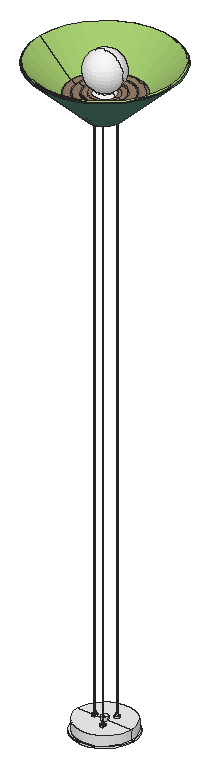
Revit family "CN-PN-COB-GL revised", category Lighting Fixtures, host Face, Revit 2020
Family settings
  Host = Face
  Round Connector Dimension = Use Diameter
  Part Type = Normal
  Cut with Voids When Loaded = No
  Light Source = No
  Shared = No
  Room Calculation Point = No
Parameters
  WOOD INSERT [instance] = _aaline__WOOD_Walnut
  WoodInsertOffset [instance] = if([Large - SIZE], 0' 1 11/16", 0' 1 7/16")  # 0' - 1 7/16"
  Small - SIZE [instance] = yes
  OUTSIDE MATERIAL [instance] = _aaline_felt_Forest Green_F155
  LightSourceOffset [instance] = if([Large - SIZE], 0' 8 9/16", 0' 6 3/8")  # 0' - 6 3/8"
  Large - SIZE [instance] = not([Small - SIZE])  # no
  INSIDE MATERIAL [instance] = _aaline_felt_Apple Green_F151
  Default Elevation = 0' - 0"
  Canopy - DRIVER [instance] = yes
  CableLength [instance] = if([CABLE LENGTH (ft)] < 0, 1' 0", [CABLE LENGTH (ft)] * 1' 0")  # 5' - 0"
  CANOPY COLOUR [instance] = _aaline_Satin White
  CABLE LENGTH (ft) [instance] = 5
  BulbOffset [instance] = if([Large - SIZE], CableLength + 0' 1 5/256", CableLength + 0' 1 5/32" - 0' 0 33/128")  # 5' - 0 115/128"
  4000K - COLOUR TEMPERATURE [instance] = no
  3500K - COLOUR TEMPERATURE [instance] = no
  3000K - COLOUR TEMPERATURE [instance] = no
  2700K - COLOUR TEMPERATURE [instance] = yes
Reference planes (in)
  plane 1 "Center (Front/Back)": y = 0
  plane 2: z = 0
  plane 3 "Center (Left/Right)": x = 0
  plane 4: z = 60
  plane 5: z = 60.89844
  plane 6: z = 61.4375
  plane 7: z = 66.375
  plane 8: z = 66.1875
  plane 9: z = 65.3125
  plane 10: z = 65.21875
  plane 11: z = 66.09375
  plane 12: z = 68.43995
Forms (in)
  Revolve 1, solid, material "_aaline__WOOD_Walnut" <- "WOOD INSERT"
    sketch origin (0, 0, 2.72358) x (1, 0, 0) y (0, 0, 1)
      loop
        line (-3.11328, 58.71392) -> (-1.1875, 58.71392) -> (-1.1875, 59.08892) -> (-0.875, 59.08892) -> (-0.875, 59.46392) -> (-1.47656, 59.46392)
        arc (-1.47656, 59.46392) -> (-1.72656, 59.33849) -> (-1.97656, 59.46392) r 0.31185
        line (-1.97656, 59.46392) -> (-2.10156, 59.46392)
        arc (-2.10156, 59.46392) -> (-2.44531, 59.27552) -> (-2.78906, 59.46392) r 0.40779
        line (-2.78906, 59.46392) -> (-2.91406, 59.46392)
        arc (-2.91406, 59.46392) -> (-3.25781, 59.21392) -> (-3.60156, 59.46392) r 0.36133
        line (-3.60156, 59.46392) -> (-3.78906, 59.46392) -> (-3.11328, 58.71392)
      axis (0, 59.46392) -> (0, 58.71392)
    angle from 0 to 360
  Revolve 2, solid, material "_aaline_CABLE_white"
    sketch origin (0, 0, -10.33502) x (1, 0, 0) y (0, 0, 1)
      loop
        line (-0.84375, 73.08502) -> (-0.84375, 72.83502) -> (-1.09375, 72.52252) -> (0, 72.52252) -> (0, 73.08502) -> (-0.84375, 73.08502)
      axis (0, 73.08502) -> (0, 72.52252)
    angle from 0 to 360
  Revolve 3, solid, material "_aaline_Satin White" <- "CANOPY COLOUR"
    sketch origin (0, 0, -10.33502) x (1, 0, 0) y (0, 0, 1)
      loop
        line (0, 70.58502) -> (0, 70.64752) -> (-1.625, 70.64752) -> (-1.625, 70.58502) -> (0, 70.58502)
      axis (0, 70.64752) -> (0, 70.58502)
    angle from 0 to 360
  Extrusion 4, solid, material "_aaline_CABLE_white"
    sketch origin (0, 0, 0) x (1, 0, 0) y (0, 1, 0)
      loop
        circle (-1.117, 0) r 0.03125
      loop
        circle (0.55924, -0.9647) r 0.03125
      loop
        circle (0.55924, 0.9647) r 0.03125
    from 0 to 60
  Revolve 5, solid, material "_aaline_felt_Forest Green_F155" <- "OUTSIDE MATERIAL", visible <- "Small - SIZE"
    sketch origin (0, 0, 0) x (1, 0, 0) y (0, 0, 1)
      loop
        line (-7.125, 65.21875) -> (-7.21875, 65.125) -> (-1.875, 60) -> (-1.6835, 60) -> (-7.125, 65.21875)
      axis (0, 65.21875) -> (0, 60)
    angle from 0 to 360
  Revolve 6, solid, material "_aaline_felt_Apple Green_F151" <- "INSIDE MATERIAL", visible <- "Small - SIZE"
    sketch origin (0, 0, 0) x (1, 0, 0) y (0, 0, 1)
      loop
        line (-7.125, 65.21875) -> (-1.6835, 60) -> (-1.492, 60) -> (-7.03125, 65.3125) -> (-7.125, 65.21875)
      axis (0, 65.3125) -> (0, 60)
    angle from 0 to 360
  Revolve 7, solid, material "_aaline_felt_Forest Green_F155" <- "OUTSIDE MATERIAL", visible <- "Large - SIZE"
    sketch origin (0, 0, 0) x (1, 0, 0) y (0, 0, 1)
      loop
        line (-1.875, 60) -> (-1.67254, 60) -> (-8.59375, 66.09375) -> (-8.6875, 66) -> (-1.875, 60)
      axis (0, 66.09375) -> (0, 60)
    angle from 0 to 360
  Revolve 8, solid, material "_aaline_felt_Apple Green_F151" <- "INSIDE MATERIAL", visible <- "Large - SIZE"
    sketch origin (0, 0, 0) x (1, 0, 0) y (0, 0, 1)
      loop
        line (-1.67254, 60) -> (-1.47008, 60) -> (-8.5, 66.1875) -> (-8.59375, 66.09375) -> (-1.67254, 60)
      axis (0, 66.1875) -> (0, 60)
    angle from 0 to 360
  Revolve 9, solid, material "_aaline_Satin White" <- "CANOPY COLOUR"
    sketch origin (-0.32936, 0, 0) x (1, 0, 0) y (0, 0, 1)
      loop
        line (-1.03763, 60.25) -> (-1.03763, 60.1875) -> (-0.88138, 60.1875) -> (-0.88138, 59.9375) -> (-0.78763, 59.9375) -> (-0.78763, 60.25) -> (-1.03763, 60.25)
      axis (-0.78763, 59.9375) -> (-0.78763, 60.25)
    angle from 0 to 360
  Revolve 10, solid, material "_aaline_Satin White" <- "CANOPY COLOUR"
    sketch origin (1.34688, 0.9647, 0) x (1, 0, 0) y (0, 0, 1)
      loop
        line (-1.03763, 60.25) -> (-1.03763, 60.1875) -> (-0.88138, 60.1875) -> (-0.88138, 59.9375) -> (-0.78763, 59.9375) -> (-0.78763, 60.25) -> (-1.03763, 60.25)
      axis (-0.78763, 59.9375) -> (-0.78763, 60.25)
    angle from 0 to 360
  Revolve 11, solid, material "_aaline_Satin White" <- "CANOPY COLOUR"
    sketch origin (1.34688, -0.9647, 0) x (1, 0, 0) y (0, 0, -1)
      loop
        line (-1.03763, -60.25) -> (-0.78763, -60.25) -> (-0.78763, -59.9375) -> (-0.88138, -59.9375) -> (-0.88138, -60.1875) -> (-1.03763, -60.1875) -> (-1.03763, -60.25)
      axis (-0.78763, -59.9375) -> (-0.78763, -60.25)
    angle from 0 to 360
  Revolve 12, solid, material "_aaline_Satin White" <- "CANOPY COLOUR", visible <- "Canopy - DRIVER"
    sketch origin (0, 0, 0) x (1, 0, 0) y (0, 0, 1)
      loop
        line (0, 0) -> (0, 1.4375) -> (-0.3125, 1.4375) -> (-0.3125, 1.125) -> (-2.9375, 1.125) -> (-2.9375, 0.125) -> (-3.125, 0.125) -> (-3.125, 0) -> (0, 0)
      axis (0, 1.4375) -> (0, 0)
    angle from 0 to 360
  Revolve 13, solid, material "_aaline_Satin White" <- "CANOPY COLOUR", visible <- "Canopy - DRIVER"
    sketch origin (-0.32936, 0, 121.375) x (1, 0, 0) y (0, 0, -1)
      loop
        line (-1.03763, 120.25) -> (-1.03763, 120.1875) -> (-0.88138, 120.1875) -> (-0.88138, 119.9375) -> (-0.78763, 119.9375) -> (-0.78763, 120.25) -> (-1.03763, 120.25)
      axis (-0.78763, 119.9375) -> (-0.78763, 120.25)
    angle from 0 to 360
  Revolve 14, solid, material "_aaline_Satin White" <- "CANOPY COLOUR", visible <- "Canopy - DRIVER"
    sketch origin (1.34688, 0.9647, 121.375) x (1, 0, 0) y (0, 0, 1)
      loop
        line (-1.03763, -120.25) -> (-0.78763, -120.25) -> (-0.78763, -119.9375) -> (-0.88138, -119.9375) -> (-0.88138, -120.1875) -> (-1.03763, -120.1875) -> (-1.03763, -120.25)
      axis (-0.78763, -119.9375) -> (-0.78763, -120.25)
    angle from 0 to 360
  Revolve 15, solid, material "_aaline_Satin White" <- "CANOPY COLOUR", visible <- "Canopy - DRIVER"
    sketch origin (1.34688, -0.9647, 121.375) x (1, 0, 0) y (0, 0, -1)
      loop
        line (-1.03763, 120.25) -> (-1.03763, 120.1875) -> (-0.88138, 120.1875) -> (-0.88138, 119.9375) -> (-0.78763, 119.9375) -> (-0.78763, 120.25) -> (-1.03763, 120.25)
      axis (-0.78763, 119.9375) -> (-0.78763, 120.25)
    angle from 0 to 360
Dimensions and locks (in)
  "CableLength": plane 4 to plane 2
  locked: Revolve 2 sketch curve to Revolve 1 at 0.5625
  "BulbOffset": plane 5 to plane 2
  "WoodInsertOffset": plane 6 to plane 4
  "LightSourceOffset": plane 7 to plane 4
  locked: plane 8 to plane 4 at 6.1875
  plane 9 to plane 4 = 0' - 5 5/16"
  locked: plane 9 to plane 10 at 0.09375
  locked: plane 8 to plane 11 at 0.09375
  Revolve 3 sketch curve to Revolve 3 sketch curve to plane 4 = 0' - 0 1/16" locked, 0' - 0 1/4" locked
  locked: plane 3 "Center (Left/Right)" to Revolve 3 sketch curve at 1.625
  locked: Revolve 9 sketch curve to Revolve 9 sketch curve at 0.25
  Revolve 9 sketch curve to Revolve 9 sketch curve to Revolve 9 sketch curve = 0' - 0 5/32" locked, 0' - 0 3/32" locked
  locked: Revolve 10 sketch curve to Revolve 10 sketch curve at 0.25
  Revolve 10 sketch curve to Revolve 10 sketch curve to Revolve 10 sketch curve = 0' - 0 5/32" locked, 0' - 0 3/32" locked
  locked: Revolve 11 sketch curve to Revolve 11 sketch curve at 0.25
  Revolve 11 sketch curve to Revolve 11 sketch curve to Revolve 11 sketch curve = 0' - 0 5/32" locked, 0' - 0 3/32" locked
  locked: Revolve 12 sketch curve to Revolve 12 sketch curve at 0.125
  locked: Revolve 12 sketch curve to Revolve 12 sketch curve at 0.1875
  Revolve 12 sketch curve to Revolve 12 sketch curve to Revolve 12 sketch curve = 0' - 1 1/8" locked, 0' - 0 5/16" locked
  Revolve 12 sketch curve to Revolve 12 sketch curve to Revolve 12 sketch curve = 0' - 0 5/16" locked, 0' - 2 5/8" locked
  locked: Revolve 13 sketch curve to Revolve 13 sketch curve at 0.25
  Revolve 13 sketch curve to Revolve 13 sketch curve to Revolve 13 sketch curve = 0' - 0 5/32" locked, 0' - 0 3/32" locked
  locked: Revolve 14 sketch curve to Revolve 14 sketch curve at 0.25
  Revolve 14 sketch curve to Revolve 14 sketch curve to Revolve 14 sketch curve = 0' - 0 5/32" locked, 0' - 0 3/32" locked
  locked: Revolve 15 sketch curve to Revolve 15 sketch curve at 0.25
  Revolve 15 sketch curve to Revolve 15 sketch curve to Revolve 15 sketch curve = 0' - 0 5/32" locked, 0' - 0 3/32" locked
  plane 12 to plane 7 = 0' - 2.06495"
  aligned and locked: plane 2 to host face
  aligned and locked: level to host face
  aligned and locked: Revolve 1 sketch curve to plane 3 "Center (Left/Right)"
  aligned and locked: Revolve 2 sketch curve to plane 3 "Center (Left/Right)"  (x2)
  aligned and locked: Revolve 3 sketch curve to plane 3 "Center (Left/Right)"
  aligned and locked: Extrusion 4 to level
  aligned and locked: plane 4 to Extrusion 4
  aligned and locked: plane 1 "Center (Front/Back)" to nested 1
  aligned and locked: plane 3 "Center (Left/Right)" to nested 1
  aligned and locked: Revolve 5 sketch curve to plane 3 "Center (Left/Right)"
  aligned and locked: Revolve 6 sketch curve to plane 3 "Center (Left/Right)"
  aligned and locked: Revolve 3 sketch curve to nested 2
  aligned and locked: plane 1 "Center (Front/Back)" to nested 2
  aligned and locked: plane 3 "Center (Left/Right)" to nested 2
  aligned and locked: Revolve 1 to Revolve 2 sketch curve
  aligned and locked: plane 5 to nested 2
  aligned and locked: Revolve 7 sketch curve to plane 3 "Center (Left/Right)"
  aligned and locked: Revolve 8 sketch curve to plane 3 "Center (Left/Right)"
  aligned and locked: Revolve 7 sketch curve to plane 4
  aligned and locked: Revolve 1 to plane 6
  aligned and locked: plane 7 to nested 1
  aligned and locked: Revolve 5 sketch curve to plane 4
  aligned and locked: Revolve 6 sketch curve to plane 4
  aligned and locked: plane 9 to Revolve 6 sketch curve
  aligned and locked: Revolve 8 sketch curve to plane 4
  aligned and locked: plane 8 to Revolve 8 sketch curve
  aligned and locked: plane 11 to Revolve 7 sketch curve
  aligned and locked: plane 5 to nested 3
  aligned and locked: plane 3 "Center (Left/Right)" to nested 3
  aligned and locked: plane 1 "Center (Front/Back)" to nested 3
  aligned and locked: Revolve 9 sketch curve to Revolve 9 sketch curve  (x2)
  aligned and locked: Revolve 10 sketch curve to Revolve 10 sketch curve
  aligned and locked: Revolve 11 sketch curve to Revolve 11 sketch curve  (x2)
  aligned and locked: Revolve 3 to Revolve 10 sketch curve
  aligned and locked: plane 2 to Revolve 12 sketch curve
  aligned and locked: Revolve 12 sketch curve to plane 3 "Center (Left/Right)"
  aligned and locked: Revolve 13 sketch curve to Revolve 13 sketch curve  (x2)
  aligned and locked: Revolve 14 sketch curve to Revolve 14 sketch curve
  aligned and locked: Revolve 15 sketch curve to Revolve 15 sketch curve  (x2)
  aligned and locked: plane 7 to nested 4
  aligned and locked: plane 7 to nested 5
  aligned and locked: plane 7 to nested 6
  aligned and locked: plane 1 "Center (Front/Back)" to nested 4
  aligned and locked: plane 1 "Center (Front/Back)" to nested 5
  aligned and locked: plane 1 "Center (Front/Back)" to nested 6
  aligned and locked: plane 3 "Center (Left/Right)" to nested 4
  aligned and locked: plane 3 "Center (Left/Right)" to nested 5
  aligned and locked: plane 3 "Center (Left/Right)" to nested 6
Automatic sketch dimensions
  host sketch curve to host sketch curve = 8' - 0"  (x2)
  Revolve 1 sketch curve to plane 6 = 0' - 0"
  plane 6 to Revolve 1 sketch curve = 0' - 0 3/8"
  Revolve 1 sketch curve to plane 3 "Center (Left/Right)" = 0' - 0 7/8"
  Revolve 1 sketch curve to Revolve 1 sketch curve = 0' - 0 5/16"
  Revolve 1 sketch curve to Revolve 1 sketch curve = 0' - 0 37/128"
  Revolve 1 sketch curve to Revolve 1 sketch curve = 0' - 0 1/4"  (x2)
  Revolve 1 sketch curve to Revolve 1 sketch curve = 0' - 0 1/8"  (x2)
  Revolve 1 sketch curve to Revolve 1 sketch curve = 0' - 0 11/32"  (x4)
  Revolve 1 sketch curve to Revolve 1 sketch curve = 0' - 0 51/256"
  plane 6 to Revolve 1 sketch curve = 0' - 0 3/4"
  Revolve 1 sketch curve to Revolve 1 sketch curve = 0' - 0 3/16"
  Revolve 1 sketch curve to Revolve 1 sketch curve = 0' - 0.11133"
  Revolve 1 sketch curve to Revolve 1 sketch curve = 0' - 0.18641"
  Revolve 1 sketch curve to Revolve 1 sketch curve = 0' - 0.21938"
  Revolve 1 sketch curve to level = 1' - 9.27642"
  plane 7 to Revolve 1 sketch curve = 4' - 1.9424"
  Revolve 2 sketch curve to plane 3 "Center (Left/Right)" = 0' - 0 27/32"
  Revolve 2 sketch curve to Revolve 2 sketch curve = 0' - 0 1/4"  (x2)
  Revolve 2 sketch curve to level = 2' - 10.33502"
  plane 7 to Revolve 2 sketch curve = 4' - 1.9424"
  Revolve 3 sketch curve to plane 4 = 0' - 0 9/16"
  plane 7 to Revolve 3 sketch curve = 4' - 1.94631"
  plane 1 "Center (Front/Back)" to Extrusion 4 sketch curve = 0' - 0"
  Extrusion 4 sketch curve to plane 3 "Center (Left/Right)" = 0' - 1.117"
  plane 3 "Center (Left/Right)" to Extrusion 4 sketch curve = 0' - 0.55924"  (x2)
  plane 1 "Center (Front/Back)" to Extrusion 4 sketch curve = 0' - 0.9647"
  Extrusion 4 sketch curve to plane 1 "Center (Front/Back)" = 0' - 0.9647"
  Revolve 5 sketch curve to plane 10 = 0' - 0"
  Revolve 5 sketch curve to plane 3 "Center (Left/Right)" = 0' - 1.6835"
  Revolve 5 sketch curve to Revolve 5 sketch curve = 0' - 0.1915"
  Revolve 5 sketch curve to plane 3 "Center (Left/Right)" = 0' - 7 1/8"
  Revolve 5 sketch curve to plane 10 = 0' - 0 3/32"
  Revolve 5 sketch curve to Revolve 5 sketch curve = 0' - 0 3/32"
  Revolve 5 sketch curve to level = 2' - 0"
  plane 7 to Revolve 5 sketch curve = 2' - 9.24436"
  Revolve 6 sketch curve to plane 10 = 0' - 0"
  Revolve 6 sketch curve to plane 3 "Center (Left/Right)" = 0' - 1.492"
  Revolve 6 sketch curve to Revolve 6 sketch curve = 0' - 0.1915"
  Revolve 6 sketch curve to plane 3 "Center (Left/Right)" = 0' - 7 1/32"
  Revolve 6 sketch curve to Revolve 6 sketch curve = 0' - 0 3/32"
  Revolve 6 sketch curve to level = 2' - 0"
  plane 7 to Revolve 6 sketch curve = 2' - 9.24436"
  Revolve 7 sketch curve to plane 3 "Center (Left/Right)" = 0' - 1.67254"
  Revolve 7 sketch curve to Revolve 7 sketch curve = 0' - 0.20246"
  Revolve 7 sketch curve to plane 3 "Center (Left/Right)" = 0' - 8 19/32"
  Revolve 7 sketch curve to plane 11 = 0' - 0 3/32"
  Revolve 7 sketch curve to Revolve 7 sketch curve = 0' - 0 3/32"
  Revolve 7 sketch curve to level = 2' - 0"
  plane 7 to Revolve 7 sketch curve = 3' - 0.03132"
  Revolve 8 sketch curve to plane 11 = 0' - 0"
  Revolve 8 sketch curve to plane 3 "Center (Left/Right)" = 0' - 1.47008"
  Revolve 8 sketch curve to Revolve 8 sketch curve = 0' - 0.20246"
  Revolve 8 sketch curve to plane 3 "Center (Left/Right)" = 0' - 8 1/2"
  Revolve 8 sketch curve to Revolve 8 sketch curve = 0' - 0 3/32"
  Revolve 8 sketch curve to level = 2' - 0"
  plane 7 to Revolve 8 sketch curve = 3' - 0.28132"
  plane 4 to Revolve 9 sketch curve = 0' - 0 3/16"
  Revolve 9 sketch curve to plane 3 "Center (Left/Right)" = 0' - 1.367"
  Revolve 9 sketch curve to Revolve 9 sketch curve = 0' - 0 1/16"
  Revolve 9 sketch curve to Revolve 9 sketch curve = 0' - 0"
  plane 3 "Center (Left/Right)" to Revolve 10 sketch curve = 0' - 0.30924"
  Revolve 10 sketch curve to Revolve 10 sketch curve = 0' - 0 1/16"
  Revolve 10 sketch curve to Revolve 10 sketch curve = 0' - 0"  (x2)
  plane 3 "Center (Left/Right)" to Revolve 11 sketch curve = 0' - 0.30924"
  plane 4 to Revolve 11 sketch curve = 0' - 0 1/4"
  Revolve 11 sketch curve to Revolve 11 sketch curve = 0' - 0 1/16"
  Revolve 11 sketch curve to Revolve 11 sketch curve = 0' - 0"
  Revolve 12 sketch curve to plane 3 "Center (Left/Right)" = 0' - 0"
  Revolve 12 sketch curve to level = 2' - 0"
  Revolve 12 sketch curve to plane 4 = 1' - 5.28118"
  plane 3 "Center (Left/Right)" to Revolve 13 sketch curve = 0' - 1.367"
  Revolve 13 sketch curve to Revolve 13 sketch curve = 0' - 0 1/16"
  Revolve 13 sketch curve to Revolve 13 sketch curve = 0' - 0"
  plane 3 "Center (Left/Right)" to Revolve 14 sketch curve = 0' - 0.30924"
  Revolve 14 sketch curve to Revolve 14 sketch curve = 0' - 0 1/16"
  Revolve 14 sketch curve to Revolve 14 sketch curve = 0' - 0"  (x2)
  plane 3 "Center (Left/Right)" to Revolve 15 sketch curve = 0' - 0.30924"
  Revolve 15 sketch curve to Revolve 15 sketch curve = 0' - 0 1/16"
  Revolve 15 sketch curve to Revolve 15 sketch curve = 0' - 0"
  Revolve 13 sketch curve to level = 0' - 1 7/16"
  level to Revolve 14 sketch curve = 0' - 1 1/8"
  level to Revolve 15 sketch curve = 0' - 1 7/16"
  radius of Extrusion 4 sketch curve = 0' - 0 1/32"  (x3)
Nested families (in)
  nested 1: "2700K" at (0, 0, 66.17815), visible <- "2700K - COLOUR TEMPERATURE", type "2700K"
  nested 2: "4" Frosted Globe" at (0, 0, 60.89844), visible <- "Small - SIZE", type "4" Frosted Globe"
  nested 3: "6" Frosted Globe" at (0, 0, 60.89844), visible <- "Large - SIZE", type "6" Frosted Globe"
  nested 4: "3000K" at (0, 0, 66.17815), visible <- "3000K - COLOUR TEMPERATURE", type "3000K"
  nested 5: "3500K" at (0, 0, 66.17815), visible <- "3500K - COLOUR TEMPERATURE", type "3500K"
  nested 6: "4000K" at (0, 0, 66.17815), visible <- "4000K - COLOUR TEMPERATURE", type "4000K"
Definition of nested family "4" Frosted Globe"
  Parameters (values of type "4" Frosted Globe")
    Default Elevation = 0' - 0"
  Reference planes (in)
    plane 1 "Center (Front/Back)": y = 0
    plane 2: z = 0
    plane 3 "Center (Left/Right)": x = 0
  Forms (in)
    Revolve 1, solid
      sketch origin (0, 0, 0) x (1, 0, 0) y (0, 0, 1)
        loop
          arc (0, 5.47533) -> (-1.93448, 3.87233) -> (-0.71875, 1.67372) r 1.96875
          line (-0.71875, 1.67372) -> (-0.71875, 1.51408)
          arc (-0.71875, 1.51408) -> (-0.68196, 1.31829) -> (-0.5766, 1.14922) r 0.53933
          line (-0.5766, 1.14922) -> (-0.48412, 1.04855) -> (-0.48412, 0.98817)
          arc (-0.48412, 0.98817) -> (-0.39959, 0.90364) -> (-0.48412, 0.81911) r 0.08453
          line (-0.48412, 0.81911) -> (-0.48412, 0.76609)
          arc (-0.48412, 0.76609) -> (-0.39959, 0.68156) -> (-0.48412, 0.59703) r 0.08453
          line (-0.48412, 0.59703) -> (-0.48412, 0.54401)
          arc (-0.48412, 0.54401) -> (-0.39959, 0.45948) -> (-0.48412, 0.37496) r 0.08453
          line (-0.48412, 0.37496) -> (-0.48412, 0.29119) -> (-0.29261, 0.13049)
          spline (-0.29261, 0.13049) -> (-0.2541, 0.12779) -> (-0.23156, 0.12003) -> (-0.21752, 0.10769) -> (-0.20453, 0.09126) -> (-0.18612, 0.07145) -> (-0.16288, 0.05043) -> (-0.13835, 0.03102) -> (-0.11605, 0.01602) -> (-0.09641, 0.00676) -> (-0.07431, 0.002) -> (-0.04406, 0.00025) -> (0, 0)
          line (0, 0) -> (0, 5.47533)
        axis (0, 5.47533) -> (0, 0)
      angle from 0 to 360
  Dimensions and locks (in)
    aligned and locked: plane 2 to level
    aligned and locked: Revolve 1 sketch curve to plane 3 "Center (Left/Right)"
Definition of nested family "6" Frosted Globe"
  Parameters (values of type "6" Frosted Globe")
    Default Elevation = 0' - 0"
  Reference planes (in)
    plane 1 "Center (Front/Back)": y = 0
    plane 2: z = 0
    plane 3 "Center (Left/Right)": x = 0
  Forms (in)
    Revolve 1, solid
      sketch origin (0, 0, 0) x (1, 0, 0) y (0, 0, 1)
        loop
          arc (0, 7.54151) -> (-2.94844, 4.933) -> (-0.71875, 1.6886) r 2.97059
          line (-0.71875, 1.6886) -> (-0.71875, 1.51408)
          arc (-0.71875, 1.51408) -> (-0.68196, 1.31829) -> (-0.5766, 1.14922) r 0.53933
          line (-0.5766, 1.14922) -> (-0.48412, 1.04855) -> (-0.48412, 0.98817)
          arc (-0.48412, 0.98817) -> (-0.39959, 0.90364) -> (-0.48412, 0.81911) r 0.08453
          line (-0.48412, 0.81911) -> (-0.48412, 0.76609)
          arc (-0.48412, 0.76609) -> (-0.39959, 0.68156) -> (-0.48412, 0.59703) r 0.08453
          line (-0.48412, 0.59703) -> (-0.48412, 0.54401)
          arc (-0.48412, 0.54401) -> (-0.39959, 0.45948) -> (-0.48412, 0.37496) r 0.08453
          line (-0.48412, 0.37496) -> (-0.48412, 0.29119) -> (-0.29261, 0.13049)
          spline (-0.29261, 0.13049) -> (-0.2541, 0.12779) -> (-0.23156, 0.12003) -> (-0.21752, 0.10769) -> (-0.20453, 0.09126) -> (-0.18612, 0.07145) -> (-0.16288, 0.05043) -> (-0.13835, 0.03102) -> (-0.11605, 0.01602) -> (-0.09641, 0.00676) -> (-0.07431, 0.002) -> (-0.04406, 0.00025) -> (0, 0)
          line (0, 0) -> (0, 7.54151)
        axis (0, 7.54151) -> (0, 0)
      angle from 0 to 360
  Dimensions and locks (in)
    aligned and locked: plane 2 to level
    aligned and locked: Revolve 1 sketch curve to plane 3 "Center (Left/Right)"
    aligned and locked: Revolve 1 sketch curve to Revolve 1 sketch curve
Definition of nested family "2700K"
  Parameters (values of type "EC-PN _ 2700K _ 600lm")
    Tilt Angle = -90.00°
    Wattage = 4.03926 W
    built-in parameter 1150110 = 1 (stored number, unit not read)
    built-in parameter 1114217 = 1 (stored number, unit not read)
    built-in parameter 1150109 = 1 (stored number, unit not read)
    Emit from Line Length = 1' - 10"
    Default Elevation = 4' - 0"
    built-in parameter 1150134 = (empty or 0)
    built-in parameter 1150113 = 1 (stored number, unit not read)
    Lumens = 600 lm
    built-in parameter 1150115 = 1 (stored number, unit not read)
    built-in parameter 1150105 = 47.746 (stored number, unit not read)
    built-in parameter 1150137 = (empty or 0)
    built-in parameter 1150139 = (empty or 0)
    built-in parameter 1150112 = 1 (stored number, unit not read)
    built-in parameter 1150114 = 1 (stored number, unit not read)
    built-in parameter 1150132 = 2
    built-in parameter 1150102 = (empty or 0)
    built-in parameter 1150138 = (empty or 0)
    built-in parameter 1150107 = 2700 (stored number, unit not read)
    built-in parameter 1150106 = 0.47746 (stored number, unit not read)
    built-in parameter 1150104 = 13.8 (stored number, unit not read)
    Dimming Lamp Color Temperature Shift = (empty or 0)
    Color Filter = 16777215
    built-in parameter 1114218 = 1 (stored number, unit not read)
    Photometric Web File = "LW-EB-22-1.ies"
    built-in parameter 1150133 = 10 (stored number, unit not read)
  Reference planes (in)
    plane 1 "Eixo de origem da luz (F/T)": y = 0
    plane 2: z = 0
    plane 3 "Eixo de origem da luz (E/D)": x = 0
    plane 4 "Elevação da origem da luz": z = 0.19685
  Dimensions and locks (in)
    aligned and locked: plane 3 "Eixo de origem da luz (E/D)" to imposter light
    aligned and locked: plane 1 "Eixo de origem da luz (F/T)" to imposter light
    aligned and locked: plane 4 "Elevação da origem da luz" to imposter light
    aligned and locked: level to plane 2
Definition of nested family "3000K"
  Parameters (values of type "3000K")
    Tilt Angle = -90.00°
    Wattage = 2.82748 W
    built-in parameter 1150110 = 1 (stored number, unit not read)
    built-in parameter 1114217 = 1 (stored number, unit not read)
    built-in parameter 1150109 = 1 (stored number, unit not read)
    Emit from Line Length = 0' - 0.03937"
    Default Elevation = 4' - 0"
    built-in parameter 1150134 = (empty or 0)
    built-in parameter 1150113 = 1 (stored number, unit not read)
    Lumens = 420 lm
    built-in parameter 1150115 = 1 (stored number, unit not read)
    built-in parameter 1150105 = 33.423 (stored number, unit not read)
    built-in parameter 1150137 = (empty or 0)
    built-in parameter 1150139 = (empty or 0)
    built-in parameter 1150112 = 1 (stored number, unit not read)
    built-in parameter 1150114 = 1 (stored number, unit not read)
    built-in parameter 1150132 = 2
    built-in parameter 1150102 = (empty or 0)
    built-in parameter 1150138 = (empty or 0)
    built-in parameter 1150107 = 3000 (stored number, unit not read)
    built-in parameter 1150106 = 0.33423 (stored number, unit not read)
    built-in parameter 1150104 = 13.8 (stored number, unit not read)
    Dimming Lamp Color Temperature Shift = (empty or 0)
    Color Filter = 16777215
    built-in parameter 1114218 = 1 (stored number, unit not read)
    Photometric Web File = "LW-EB-22-1.ies"
    built-in parameter 1150133 = 10 (stored number, unit not read)
  Reference planes (in)
    plane 1 "Eixo de origem da luz (F/T)": y = 0
    plane 2: z = 0
    plane 3 "Eixo de origem da luz (E/D)": x = 0
    plane 4 "Elevação da origem da luz": z = 0.19685
  Dimensions and locks (in)
    aligned and locked: plane 3 "Eixo de origem da luz (E/D)" to imposter light
    aligned and locked: plane 1 "Eixo de origem da luz (F/T)" to imposter light
    aligned and locked: plane 4 "Elevação da origem da luz" to imposter light
    aligned and locked: level to plane 2
Definition of nested family "3500K"
  Parameters (values of type "3500K")
    Tilt Angle = -90.00°
    Wattage = 2.82748 W
    built-in parameter 1150110 = 1 (stored number, unit not read)
    built-in parameter 1114217 = 1 (stored number, unit not read)
    built-in parameter 1150109 = 1 (stored number, unit not read)
    Emit from Line Length = 0' - 0.03937"
    Default Elevation = 4' - 0"
    built-in parameter 1150134 = (empty or 0)
    built-in parameter 1150113 = 1 (stored number, unit not read)
    Lumens = 420 lm
    built-in parameter 1150115 = 1 (stored number, unit not read)
    built-in parameter 1150105 = 33.423 (stored number, unit not read)
    built-in parameter 1150137 = (empty or 0)
    built-in parameter 1150139 = (empty or 0)
    built-in parameter 1150112 = 1 (stored number, unit not read)
    built-in parameter 1150114 = 1 (stored number, unit not read)
    built-in parameter 1150132 = 2
    built-in parameter 1150102 = (empty or 0)
    built-in parameter 1150138 = (empty or 0)
    built-in parameter 1150107 = 3500 (stored number, unit not read)
    built-in parameter 1150106 = 0.33423 (stored number, unit not read)
    built-in parameter 1150104 = 13.8 (stored number, unit not read)
    Dimming Lamp Color Temperature Shift = (empty or 0)
    Color Filter = 16777215
    built-in parameter 1114218 = 1 (stored number, unit not read)
    Photometric Web File = "LW-EB-22-1.ies"
    built-in parameter 1150133 = 10 (stored number, unit not read)
  Reference planes (in)
    plane 1 "Eixo de origem da luz (F/T)": y = 0
    plane 2: z = 0
    plane 3 "Eixo de origem da luz (E/D)": x = 0
    plane 4 "Elevação da origem da luz": z = 0.19685
  Dimensions and locks (in)
    aligned and locked: plane 3 "Eixo de origem da luz (E/D)" to imposter light
    aligned and locked: plane 1 "Eixo de origem da luz (F/T)" to imposter light
    aligned and locked: plane 4 "Elevação da origem da luz" to imposter light
    aligned and locked: level to plane 2
Definition of nested family "4000K"
  Parameters (values of type "4000K")
    Tilt Angle = -90.00°
    Wattage = 2.82748 W
    built-in parameter 1150110 = 1 (stored number, unit not read)
    built-in parameter 1114217 = 1 (stored number, unit not read)
    built-in parameter 1150109 = 1 (stored number, unit not read)
    Emit from Line Length = 0' - 0.03937"
    Default Elevation = 4' - 0"
    built-in parameter 1150134 = 12
    built-in parameter 1150113 = 1 (stored number, unit not read)
    Lumens = 420 lm
    built-in parameter 1150115 = 1 (stored number, unit not read)
    built-in parameter 1150105 = 33.423 (stored number, unit not read)
    built-in parameter 1150137 = (empty or 0)
    built-in parameter 1150139 = (empty or 0)
    built-in parameter 1150112 = 1 (stored number, unit not read)
    built-in parameter 1150114 = 1 (stored number, unit not read)
    built-in parameter 1150132 = 2
    built-in parameter 1150102 = (empty or 0)
    built-in parameter 1150138 = (empty or 0)
    built-in parameter 1150107 = 4000 (stored number, unit not read)
    built-in parameter 1150106 = 0.33423 (stored number, unit not read)
    built-in parameter 1150104 = 13.8 (stored number, unit not read)
    Dimming Lamp Color Temperature Shift = (empty or 0)
    Color Filter = 16777215
    built-in parameter 1114218 = 1 (stored number, unit not read)
    Photometric Web File = "LW-EB-22-1.ies"
    built-in parameter 1150133 = 10 (stored number, unit not read)
  Reference planes (in)
    plane 1 "Eixo de origem da luz (F/T)": y = 0
    plane 2: z = 0
    plane 3 "Eixo de origem da luz (E/D)": x = 0
    plane 4 "Elevação da origem da luz": z = 0.19685
  Dimensions and locks (in)
    aligned and locked: plane 3 "Eixo de origem da luz (E/D)" to imposter light
    aligned and locked: plane 1 "Eixo de origem da luz (F/T)" to imposter light
    aligned and locked: plane 4 "Elevação da origem da luz" to imposter light
    aligned and locked: level to plane 2
